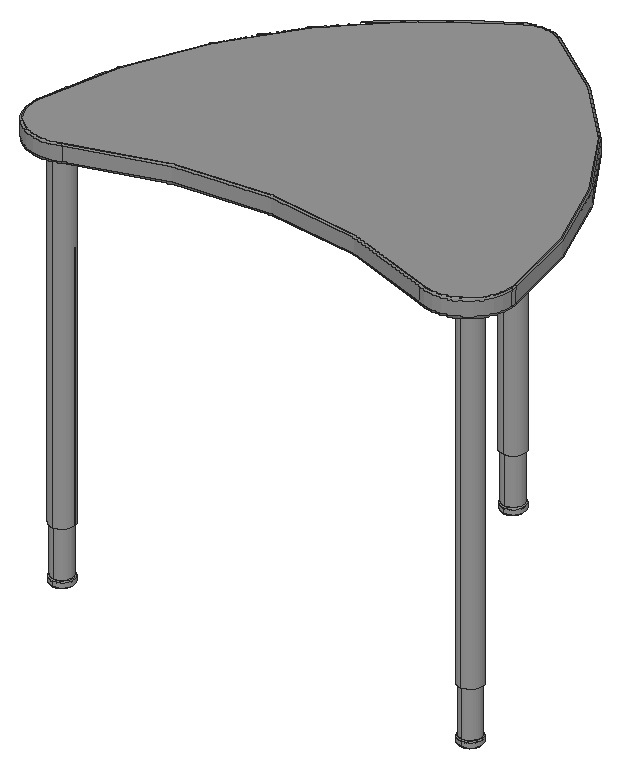
Revit family "Creator Chevron - Shapes", category Generic Models, Revit 2018
Family settings
  Can host rebar = No
  Round Connector Dimension = Use Diameter
  Part Type = Normal
  Work Plane-Based = No
  Always vertical = Yes
  Cut with Voids When Loaded = No
  Shared = No
  Room Calculation Point = No
Parameters
  Table Height = 2' - 1 1/2"
  Surface = Creator Chevron S Surface
  Leg Finish = Shapes Leg Platinum
  Edgeband = Creator Chevron S Edgeband
  Caster/Glider = Shapes Leg - Glider : Shapes Leg - Glider
Reference planes (in)
  plane 1 "Center (Front/Back)": y = 0
  plane 2: z = 0
  plane 3 "Center (Left/Right)": x = 0
  plane 4 "Table Height": z = 25.5
Dimensions and locks (in)
  "Table Height": plane 4 "Table Height" to level
  aligned and locked: plane 2 to level
  aligned and locked: nested 1 to plane 4 "Table Height"
Nested families (in)
  nested 1: "Creator Chevron Tabletop" at (0, 0, -3), type "Creator Chevron Tabletop"
  nested 2: "Shapes Leg - Glider" at (0, 9.75, 0) x (0, 1, 0) z (0, 0, 1), Shapes Leg Finish <- "Leg Finish", Leg Height <- "Table Height", type "Shapes Leg - Glider"
    with Shapes Leg Finish Shapes Leg Platinum, Leg Height 2' - 1 1/2"
  nested 3: "Shapes Leg - Glider" at (13.25, -10.25, 0) x (0, 1, 0) z (0, 0, 1), Shapes Leg Finish <- "Leg Finish", Leg Height <- "Table Height", type <- "Caster/Glider", type "Shapes Leg - Glider"
    with Shapes Leg Finish Shapes Leg Platinum, Leg Height 2' - 1 1/2"
  nested 4: "Shapes Leg - Glider" at (-13, -10.25, 0) x (0, 1, 0) z (0, 0, 1), Shapes Leg Finish <- "Leg Finish", Leg Height <- "Table Height", type <- "Caster/Glider", type "Shapes Leg - Glider"
    with Shapes Leg Finish Shapes Leg Platinum, Leg Height 2' - 1 1/2"
Definition of nested family "Creator Chevron Tabletop"
  Parameters (values of type "Creator Chevron Tabletop")
    Surface = none
    Edgeband = none
  Reference planes (in)
    plane 1 "Center (Front/Back)": y = 0
    plane 2: z = 0
    plane 3 "Center (Left/Right)": x = 0
  Forms (in)
    Extrusion 1, solid, material <- "Surface"
      sketch origin (0, 0, 0) x (1, 0, 0) y (0, 1, 0)
        loop
          arc (-1.14819, 11.92814) -> (-10.68256, 2.96557) -> (-15.29137, -9.2815) r 28.92321
          arc (-15.29137, -9.2815) -> (-15.30725, -9.45268) -> (-15.31328, -9.6245) r 2.99495
          arc (-15.31328, -9.6245) -> (-14.09835, -11.88833) -> (-11.5374, -12.09461) r 2.68475
          arc (-11.5374, -12.09461) -> (0, -9.64421) -> (11.5374, -12.09461) r 28.3864
          arc (11.5374, -12.09461) -> (14.09835, -11.88833) -> (15.31329, -9.6245) r 2.68475
          arc (15.31329, -9.6245) -> (15.30725, -9.45268) -> (15.29138, -9.2815) r 2.99494
          arc (15.29138, -9.2815) -> (10.74153, 3.00489) -> (1.14819, 11.92814) r 28.31694
          arc (1.14819, 11.92814) -> (0, 12.23098) -> (-1.14819, 11.92814) r 2.32803
      from 28.5 to 29.625
    Sweep 2, solid, material <- "Edgeband"
      path in 3D
        loop
          arc (-1.14819, 11.92814, 29.625) -> (0, 12.23098, 29.625) -> (1.14819, 11.92814, 29.625) r 2.32803
          arc (1.14819, 11.92814, 29.625) -> (10.74153, 3.00489, 29.625) -> (15.29138, -9.2815, 29.625) r 28.31694
          arc (15.29138, -9.2815, 29.625) -> (15.30725, -9.45268, 29.625) -> (15.31329, -9.6245, 29.625) r 2.99494
          arc (15.31329, -9.6245, 29.625) -> (14.09835, -11.88833, 29.625) -> (11.5374, -12.09461, 29.625) r 2.68475
          arc (11.5374, -12.09461, 29.625) -> (0, -9.64421, 29.625) -> (-11.5374, -12.09461, 29.625) r 28.3864
          arc (-11.5374, -12.09461, 29.625) -> (-14.09835, -11.88833, 29.625) -> (-15.31328, -9.6245, 29.625) r 2.68475
          arc (-15.31328, -9.6245, 29.625) -> (-15.30725, -9.45268, 29.625) -> (-15.29137, -9.2815, 29.625) r 2.99495
          arc (-15.29137, -9.2815, 29.625) -> (-10.68256, 2.96557, 29.625) -> (-1.14819, 11.92814, 29.625) r 28.92321
      profile origin (-10.68256, 2.96557, 29.625) x (-0.831988, 0.554793, 0) y (0, 0, 1)
        loop
          line (0.10581, -1.01919) -> (0.10581, -0.10581)
          arc (0.10581, -0.10581) -> (0.07482, -0.03099) -> (0, 0) r 0.10581
          line (0, 0) -> (0, -1.125)
          arc (0, -1.125) -> (0.07482, -1.09401) -> (0.10581, -1.01919) r 0.10581
  Lines and regions (in)
    sketch lines
      curve 1: arc (-15.29137, -9.2815, 29.625) -> (-10.68256, 2.96557, 29.625) -> (-1.14819, 11.92814, 29.625) r 28.92321
      curve 2: arc (-1.14819, 11.92814, 29.625) -> (0, 12.23098, 29.625) -> (1.14819, 11.92814, 29.625) r 2.32803
      curve 3: arc (1.14819, 11.92814, 29.625) -> (10.74153, 3.00489, 29.625) -> (15.29138, -9.2815, 29.625) r 28.31694
      curve 4: arc (15.31329, -9.6245, 29.625) -> (14.09835, -11.88833, 29.625) -> (11.5374, -12.09461, 29.625) r 2.68475
      curve 5: arc (15.29138, -9.2815, 29.625) -> (15.30725, -9.45268, 29.625) -> (15.31329, -9.6245, 29.625) r 2.99494
      curve 6: arc (11.5374, -12.09461, 29.625) -> (0, -9.64421, 29.625) -> (-11.5374, -12.09461, 29.625) r 28.3864
      curve 7: arc (-11.5374, -12.09461, 29.625) -> (-14.09835, -11.88833, 29.625) -> (-15.31328, -9.6245, 29.625) r 2.68475
      curve 8: arc (-15.31328, -9.6245, 29.625) -> (-15.30725, -9.45268, 29.625) -> (-15.29137, -9.2815, 29.625) r 2.99495
  Dimensions and locks (in)
    aligned and locked: plane 2 to level
Definition of nested family "Shapes Leg - Glider"
  Parameters (values of type "Shapes Leg - Glider")
    Shapes Leg Finish [instance] = none
    Leg Height [instance] = 2' - 4 1/2"
  Reference planes (in)
    plane 1 "Center (Front/Back)": y = 0
    plane 2: z = 0
    plane 3 "Center (Left/Right)": x = 0
  Forms (in)
    Extrusion 1, solid
      sketch origin (-0.01562, 0, 0) x (1, 0, 0) y (0, 1, 0)
        loop
          circle (0.01563, 0) r 0.64906
      from 0.50586 to 20.17439
  Dimensions and locks (in)
    "Leg Height": nested 2 to level
    aligned and locked: plane 2 to level
  Automatic sketch dimensions
    plane 1 "Center (Front/Back)" to Extrusion 1 sketch curve = 0' - 0"
    Extrusion 1 sketch curve to plane 3 "Center (Left/Right)" = 0' - 0"
    radius of Extrusion 1 sketch curve = 0' - 0.64906"
  Nested families (in)
    nested 1: "Glider" at (0, 0, 0), type "Glider"
    nested 2: "Shapes Upper Leg" at (0, 0, 0), Shapes Leg Finish <- "Shapes Leg Finish", type "Shapes Upper Leg"
      with Shapes Leg Finish none
  Definition of nested family "Glider"
    Reference planes (in)
      plane 1 "Center (Front/Back)": y = 0
      plane 2: z = 0
      plane 3 "Center (Left/Right)": x = 0
    Forms (in)
      Revolve 1, solid
        sketch origin (0, 0, 0) x (1, 0, 0) y (0, 0, 1)
          loop
            line (0.26614, 0.50586) -> (0, 0.50586) -> (0, 0.09994) -> (0.71656, 0.09994) -> (0.71656, 0.37634)
            arc (0.71656, 0.37634) -> (0.70181, 0.41548) -> (0.66511, 0.43552) r 0.06011
            arc (0.66511, 0.43552) -> (0.46609, 0.45951) -> (0.26614, 0.47365) r 4.06535
            line (0.26614, 0.47365) -> (0.26614, 0.50586)
          axis (0, 0.50586) -> (0, 0.09994)
        angle from 0 to 360
      Revolve 2, solid
        sketch origin (0, 0, 0) x (1, 0, 0) y (0, 0, 1)
          loop
            line (0.65534, 0.1212) -> (0, 0.1212) -> (0, 0) -> (0.57593, 0)
            arc (0.57593, 0) -> (0.63208, 0.02326) -> (0.65534, 0.07941) r 0.07941
            line (0.65534, 0.07941) -> (0.65534, 0.1212)
          axis (0, 0.1212) -> (0, 0)
        angle from 0 to 360
    Dimensions and locks (in)
      aligned and locked: plane 2 to level
  Definition of nested family "Shapes Upper Leg"
    Parameters (values of type "Shapes Upper Leg")
      Shapes Leg Finish [instance] = none
    Reference planes (in)
      plane 1 "Center (Front/Back)": y = 0
      plane 2: z = 0
      plane 3 "Center (Left/Right)": x = 0
    Forms (in)
      Extrusion 1, solid, material <- "Shapes Leg Finish"
        sketch origin (0, 0, 0) x (1, 0, 0) y (0, 1, 0)
          loop
            circle (0, 0) r 0.75
        from 6.5 to 28.5
    Dimensions and locks (in)
      aligned and locked: plane 2 to level
